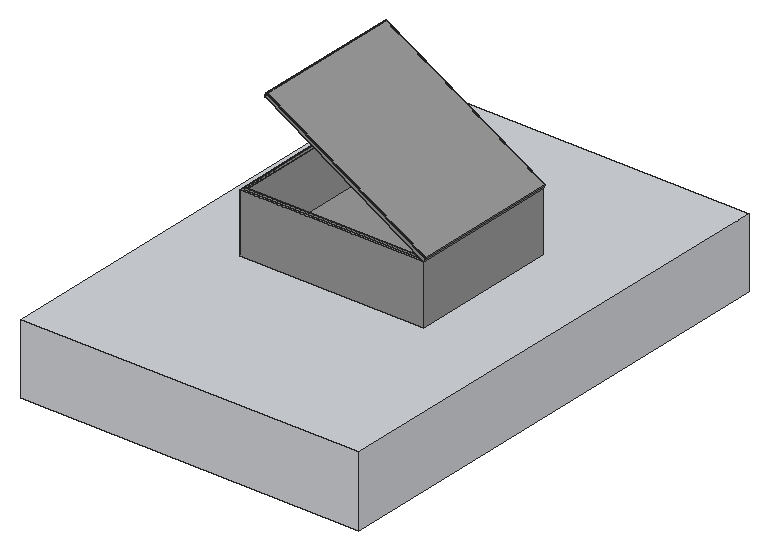
Revit family "Hager-Univers-IP55-D275-H650-Cl.II-Steel_encl-BE-fr", category Equipement électrique, Revit 2020
Family settings
  Hôte = Face
  Configuration du panneau = Deux colonnes, circuits au sein
  Cote de connecteur circulaire = Utiliser le diamètre
  Type d'élément = Tableau de raccordement
  Couper avec des vides une fois chargée = Non
  Partagée = Non
  Point de calcul de pièce = Non
Parameters (values of type "saillie IP55 L800 H650 P275  - FR43S")
  Width Control [instance] = if([EF000008 - largeur] > Min Width, [EF000008 - largeur], Min Width)  # 800 mm
  Commentaires du type = [HG000003 - Gamme]  # "Univers"
  Thickness Door [instance] = if([EF009171 - épaisseur de matériau de la porte/du couvercle] > 3 mm, 3 mm, [EF009171 - épaisseur de matériau de la porte/du couvercle])  # 1.5 mm
  Seal Frame Offset [instance] = 17 mm  # constant formula
  Plinth Visibility [instance] = [HG000027 - Hauteur du socle] > 0 mm  # no
  Model = ""
  Min Width [instance] = 100 mm  # constant formula
  Min Height [instance] = 100 mm  # constant formula
  Min Depth [instance] = (2 * [EF009170 - épaisseur de matériau du boîtier]) + 1 mm  # 4 mm
  Internal Frame Depth [instance] = (Door System Depth * 0.5)  # 9 mm
  Height Control [instance] = if([EF000040 - hauteur] > Min Height, [EF000040 - hauteur], Min Height)  # 650 mm
  HG000027 - Hauteur du socle = 0 mm
  HG000026 - Installation au sol = no
  HG000024 - Hauteur de la section basse = 800 mm
  HG000023 - Armoire double section = no
  HG000016 - Visibilité de la porte 3D [instance] = yes
  HG000015 - Visibilité de l'emprise de la porte [instance] = no
  HG000014 - Porte à droite [instance] = yes
  HG000013 - Porte à gauche [instance] = not([HG000014 - Porte à droite])  # no
  HG000012 - Angle de pivotement de la porte [instance] = 30.00°
  HG000010 - Portes asymétriques = no
  HG000009 - Porte à double battant = no
  HG000006 - Encastré = no
  HG000004 - Référence fabricant = "FR43S"
  HG000003 - Gamme = "Univers"
  HG000002 - avec porte = yes
  Frame Offset Bottom [instance] = 10 mm  # constant formula
  Frame Offset [instance] = 15 mm  # constant formula
  EF015940 - couvercle avec décharge de pression = no
  EF011959 - degré de protection (NEMA) = ""
  EF009554 - nombre d'ouvertures pour plaques à bride = 6
  Fabricant = "Hager"  # constant formula
  EF009212 - finition du couvercle = "EV000116 - fermé"
  EF009171 - épaisseur de matériau de la porte/du couvercle = 1.5 mm
  EF009170 - épaisseur de matériau du boîtier = 1.5 mm
  EF008873 - courant nominal (In) = 800 A
  EF007800 - adapté à un parafoudre = no
  EF006306 - avec serrure = no
  EF006244 - couvercle/porte transparent(e) = no
  EF005474 - indice de protection (IP) = "EV006420 - IP55"
  EF004464 - type de porte = "EV002646 - unique"
  EF004427 - nombre de modules = 144
  EF004293 - indice de protection contre les chocs (IK) = "EV008784 - IK10"
  EF003532 - convient pour utilisation à l’extérieur = no
  EF002950 - largeur en nombre de modules = 24
  EF001613 - maintien de fonction = "EV000494 - sans"
  EF001596 - matériau du boîtier/corps = "EV000179 - acier"
  EF001131 - profondeur intérieure = 275 mm
  EF001088 - possibilité de montage en saillie = yes
  EF000437 - nombre d'entrées de conduit = 6
  EF000339 - type de capot = "EV004216 - porte"
  EF000266 - nombre de rangées = 4
  EF000218 - profondeur d'encastrement = 0 mm
  EF000118 - avec cadre/support de montage = no
  EF000116 - numéro RAL = "7035"
  EF000049 - profondeur = 275 mm
  EF000040 - hauteur = 650 mm
  EF000008 - largeur = 800 mm
  EF000007 - couleur = "EV000270 - gris"
  EF000003 - mode de pose = "EV000384 - saillie"
  Door System Leaf Tolerance [instance] = 1.5 mm  # constant formula
  Door System Depth [instance] = 18 mm  # constant formula
  Door Height [instance] = Height Control - [HG000027 - Hauteur du socle]  # 650 mm
  Depth Control [instance] = if([EF000049 - profondeur] > Min Depth, [EF000049 - profondeur], Min Depth)  # 275 mm
  Default Elevation = 0 mm
  Connector Offset [instance] = Height Control / 2  # 325 mm
  Bottom Top Plate Trim [instance] = 1.5 mm  # constant formula
  Plinth height Ctrl [instance] = if([HG000027 - Hauteur du socle] > 0 mm, [HG000027 - Hauteur du socle], 12 mm)  # 12 mm
Types (5, lengths in mm): name | Width Control | HG000010 - Portes asymétriques | HG000009 - Porte à double battant | HG000004 - Référence fabricant | EF009554 - nombre d'ouvertures pour plaques à bride | EF004464 - type de porte | EF004427 - nombre de modules | EF000437 - nombre d'entrées de conduit | EF000008 - largeur
  saillie IP55 L1050 H650 P275  - FR44S | 1050 | no | yes | "FR44S" | 8 | "EV003602 - double" | 192 | 8 | 1050
  saillie IP55 L1300 H650 P275  - FR45S | 1300 | yes | yes | "FR45S" | 10 | "EV003602 - double" | 240 | 10 | 1300
  saillie IP55 L300 H650 P275  - FR41S | 300 | no | no | "FR41S" | 2 | "EV002646 - unique" | 48 | 2 | 300
  saillie IP55 L550 H650 P275  - FR42S | 550 | no | no | "FR42S" | 4 | "EV002646 - unique" | 96 | 4 | 550
  saillie IP55 L800 H650 P275  - FR43S | 800 | no | no | "FR43S" | 6 | "EV002646 - unique" | 144 | 6 | 800
Reference planes
  plane 1 "Center (Front/Back)": y = 0
  plane 2: z = 0
  plane 3 "Center (Left/Right)": x = 0
  plane 4: z = 275
  plane 5: y = 1.5
  plane 6: y = 325
  plane 7: y = 0
  plane 8: y = 650
  plane 9: z = 0
  plane 10: x = -385
  plane 11: x = 385
  plane 12: x = 383.5
  plane 13: x = -383.5
  plane 14: y = 648.5
  plane 15: x = -383
  plane 16: x = -400
  plane 17: x = 383
  plane 18: x = 400
  plane 19: x = 398.5
  plane 20: x = -398.5
  plane 21: y = 11.5
  plane 22: y = 650
  plane 23: y = 633.5
  plane 24: z = 257
  plane 25: z = 1.5
  plane 26: z = 255.5
  plane 27: z = 273.5
Forms (mm)
  Extrusion 1, solid
    sketch origin (0, 0, 0) x (1, 0, 0) y (0, 1, 0)
      loop
        line (-702.964, 1305) -> (-702.964, -811.445) -> (766.763, -811.445) -> (766.763, 1305) -> (-702.964, 1305)
    from 0 to -304.8
  Extrusion 2, solid, material "Hager_Steel_RAL7035_Light_Grey", visible <- "Plinth Visibility", detail levels medium+fine
    sketch origin (0, 0, 0) x (1, 0, 0) y (0, 1, 0)
      loop
        line (-400, 0) -> (400, 0) -> (400, 12) -> (-400, 12) -> (-400, 0)
    from 0 to 257
  Extrusion 3, solid, material "Hager_Steel_RAL7035_Light_Grey", detail levels medium+fine
    sketch origin (0, 0, 0) x (1, 0, 0) y (0, 1, 0)
      loop
        line (-400, 0) -> (400, 0) -> (400, 650) -> (-400, 650) -> (-400, 0)
    from 0 to 257
  Extrusion 4, void
    sketch origin (0, 0, 0) x (1, 0, 0) y (0, 1, 0)
      loop
        line (-398.5, 1.5) -> (398.5, 1.5) -> (398.5, 648.5) -> (-398.5, 648.5) -> (-398.5, 1.5)
    from 1.5 to 255.5
  Extrusion 5, void
    sketch origin (-381.607, -4572, 257) x (0, -1, 0) y (-1, 0, 0)
      loop
        line (-4583.5, 1.893) -> (-5205.5, 1.893) -> (-5205.5, -765.107) -> (-4583.5, -765.107) -> (-4583.5, 1.893)
    from 0 to 1.5 <- "EF009170 - épaisseur de matériau du boîtier"
  Extrusion 6, solid, material "Hager_Steel_RAL7035_Light_Grey", detail levels fine
    sketch origin (0, 0, 257) x (1, 0, 0) y (0, 1, 0)
      loop
        line (-383.5, 633.5) -> (-383.5, 11.5) -> (383.5, 11.5) -> (383.5, 633.5) -> (-383.5, 633.5)
      loop
        line (-385, 10) -> (385, 10) -> (385, 635) -> (-385, 635) -> (-385, 10)
    from 0 to 9 <- "Internal Frame Depth"
  Extrusion 7, solid, material "Hager_Steel_RAL7035_Light_Grey", detail levels coarse
    sketch origin (0, 0, 0) x (1, 0, 0) y (0, 1, 0)
      loop
        line (-400, 0) -> (400, 0) -> (400, 650) -> (-400, 650) -> (-400, 0)
    from 0 to 275
  Sweep 8, void
    path in 3D
      loop
        line (-400, 12, 0) -> (400, 12, 0) -> (400, 12, 257) -> (-400, 12, 257) -> (-400, 12, 0)
    profile origin (-400, 12, 128.5) x (-1, 0, 0) y (0, -1, 0)
      loop
        line (0, 0) -> (0, 1.5) -> (-1.5, 1.5)
        arc (-1.5, 1.5) -> (-1.061, 0.439) -> (0, 0) r 1.5
Cuts and joins
  Extrusion 4, Extrusion 5 cuts Extrusion 3
  Sweep 8 cuts Extrusion 2
Lines and regions (mm)
  Masking region 1
    outline origin (0, 0, 0) x (1, 0, 0) y (0, 0, 1)
      loop
        line (-400, 275) -> (-400, 0) -> (400, 0) -> (400, 275) -> (-400, 275)
  Masking region 2, detail levels medium+fine
    outline origin (0, 140, 0) x (0, 1, 0) y (0, 0, 1)
      loop
        line (-140, 0) -> (510, 0) -> (510, 257) -> (-140, 257) -> (-140, 0)
  Masking region 3, not visible, detail levels medium+fine
    outline origin (0, 297.922, 0) x (0, 1, 0) y (0, 0, 1)
      loop
        line (38.578, 0) -> (78.578, 0) -> (78.578, 263.5)
        arc (78.578, 263.5) -> (75.649, 270.571) -> (68.578, 273.5) r 10
        line (68.578, 273.5) -> (38.578, 273.5) -> (38.578, 0)
  Masking region 4, detail levels coarse
    outline origin (0, 0, 180) x (0, 1, 0) y (0, 0, 1)
      loop
        line (0, -180) -> (650, -180) -> (650, 95) -> (0, 95) -> (0, -180)
  Masking region 5, visible <- "Plinth Visibility", detail levels medium+fine
    outline origin (0, 52.24, 12.345) x (0, 0, -1) y (0, 1, 0)
      loop
        line (10.845, -40.24) -> (-243.155, -40.24)
        arc (-243.155, -40.24) -> (-243.594, -41.301) -> (-244.655, -41.74) r 1.5
        line (-244.655, -41.74) -> (-244.655, -52.24) -> (12.345, -52.24) -> (12.345, -41.74)
        arc (12.345, -41.74) -> (11.285, -41.301) -> (10.845, -40.24) r 1.5
  Masking region 6, detail levels medium+fine
    outline origin (-381.607, -4572, 257) x (-1, 0, 0) y (0, -1, 0)
      loop
        line (18.393, -5222) -> (18.393, -4572) -> (-781.607, -4572) -> (-781.607, -5222) -> (18.393, -5222)
  Masking region 7, visible <- "Plinth Visibility", detail levels medium+fine
    outline origin (-381.607, -4727, 257) x (-1, 0, 0) y (0, -1, 0)
      loop
        arc (16.893, -4739) -> (17.332, -4737.939) -> (18.393, -4737.5) r 1.5
        line (18.393, -4737.5) -> (18.393, -4727) -> (-781.607, -4727) -> (-781.607, -4737.5)
        arc (-781.607, -4737.5) -> (-780.546, -4737.939) -> (-780.107, -4739) r 1.5
        line (-780.107, -4739) -> (16.893, -4739)
  Masking region 8, detail levels coarse
    outline origin (-442.548, -4669.526, 257) x (-1, 0, 0) y (0, -1, 0)
      loop
        line (-42.548, -5319.526) -> (-42.548, -4669.526) -> (-842.548, -4669.526) -> (-842.548, -5319.526) -> (-42.548, -5319.526)
  sketch lines
    curve 1: line (-400, 12, 257) -> (-400, 12, 0)
    curve 2: line (400, 12, 257) -> (-400, 12, 257)
    curve 3: line (400, 12, 257) -> (400, 12, 0)
    curve 4: line (-400, 12, 0) -> (400, 12, 0)
Dimensions and locks
  "Depth Control": plane 4 to Extrusion 1
  "HG000027 - Hauteur du socle": plane 1 "Center (Front/Back)" to plane 7
  "EF009170 - épaisseur de matériau du boîtier": plane 5 to plane 7
  locked: connector elem to plane 3 "Center (Left/Right)"
  equal spacing: plane 8, plane 6, plane 7
  locked: connector elem to plane 6
  "EF009170 - épaisseur de matériau du boîtier": plane 8 to plane 14
  "EF009170 - épaisseur de matériau du boîtier": plane 10 to plane 13
  "EF009170 - épaisseur de matériau du boîtier": plane 12 to plane 11
  "Frame Offset": plane 20 to plane 13
  "Frame Offset": plane 12 to plane 19
  "EF009170 - épaisseur de matériau du boîtier": plane 16 to plane 20
  "EF009170 - épaisseur de matériau du boîtier": plane 19 to plane 18
  "Seal Frame Offset": plane 16 to plane 15
  "Seal Frame Offset": plane 17 to plane 18
  "Frame Offset Bottom": plane 21 to plane 5
  "Frame Offset": plane 14 to plane 23
  equal spacing: plane 16, plane 3 "Center (Left/Right)", plane 18
  "Width Control": plane 16 to plane 18
  "EF009170 - épaisseur de matériau du boîtier": plane 4 to plane 27
  "EF009170 - épaisseur de matériau du boîtier": plane 24 to plane 26
  "EF009170 - épaisseur de matériau du boîtier": plane 25 to level
  "Door System Depth": plane 4 to plane 24
  "Height Control": plane 1 "Center (Front/Back)" to Extrusion 7 sketch curve
  "Height Control": Masking region 4 sketch curve to plane 1 "Center (Front/Back)"
  "Height Control": plane 1 "Center (Front/Back)" to plane 22
  "Bottom Top Plate Trim": profile plane to Sweep 8 sketch curve
  "Bottom Top Plate Trim": Sweep 8 sketch curve to profile plane
  "Plinth height Ctrl": plane 1 "Center (Front/Back)" to Extrusion 2 sketch curve
  "Plinth height Ctrl": Masking region 5 sketch curve to plane 1 "Center (Front/Back)"
  "Plinth height Ctrl": plane 1 "Center (Front/Back)" to Masking region 7 sketch curve
  "Thickness Door": Extrusion 6 sketch curve to Extrusion 6 sketch curve  (x3)
  "Thickness Door": cut or joined group of Extrusion 3, Extrusion 4, Extrusion 5 to Extrusion 6 sketch curve
  radius of Masking region 3 sketch curve = 10 mm
  "Bottom Top Plate Trim": radius of Masking region 5 sketch curve  (x2)
  "Bottom Top Plate Trim": radius of Sweep 8 sketch curve
  "Bottom Top Plate Trim": radius of Masking region 7 sketch curve  (x2)
  aligned and locked: plane 2 to Extrusion 1
  aligned and locked: level to Extrusion 1
  aligned and locked: level to Masking region 1 sketch curve
  aligned and locked: Masking region 1 sketch curve to plane 18
  aligned and locked: Masking region 1 sketch curve to plane 16
  aligned and locked: plane 7 to Masking region 2 sketch curve
  aligned and locked: level to Masking region 3 sketch curve
  aligned and locked: Masking region 3 sketch curve to plane 27
  aligned and locked: level to Masking region 2 sketch curve
  aligned and locked: plane 1 "Center (Front/Back)" to Extrusion 2 sketch curve
  aligned and locked: Extrusion 3 sketch curve to plane 7
  aligned and locked: plane 16 to Extrusion 3 sketch curve
  aligned and locked: plane 18 to Extrusion 3 sketch curve
  aligned and locked: plane 20 to Extrusion 4 sketch curve
  aligned and locked: plane 19 to Extrusion 4 sketch curve
  aligned and locked: Extrusion 4 sketch curve to plane 5
  aligned and locked: Extrusion 4 to plane 25
  aligned and locked: plane 26 to Extrusion 4
  aligned and locked: plane 24 to Extrusion 3
  aligned and locked: Extrusion 5 sketch curve to plane 21
  aligned and locked: Extrusion 5 sketch curve to plane 13
  aligned and locked: Extrusion 5 sketch curve to plane 12
  aligned and locked: plane 18 to Extrusion 7 sketch curve
  aligned and locked: plane 1 "Center (Front/Back)" to Extrusion 7 sketch curve
  aligned and locked: plane 16 to Extrusion 7 sketch curve
  aligned and locked: plane 4 to Extrusion 7
  aligned and locked: Extrusion 7 to level
  aligned and locked: level to Masking region 4 sketch curve
  aligned and locked: Masking region 4 sketch curve to plane 1 "Center (Front/Back)"
  aligned and locked: Masking region 4 sketch curve to plane 4
  aligned and locked: nested 1 to level
  aligned and locked: nested 1 to plane 16
  aligned and locked: plane 8 to Extrusion 3 sketch curve
  aligned and locked: plane 23 to Extrusion 5 sketch curve
  aligned and locked: plane 14 to Extrusion 4 sketch curve
  aligned and locked: Masking region 2 sketch curve to plane 8
  aligned and locked: level to Masking region 5 sketch curve
  aligned and locked: plane 16 to Extrusion 2 sketch curve
  aligned and locked: plane 18 to Extrusion 2 sketch curve
  aligned and locked: Masking region 5 sketch curve to plane 24
  aligned and locked: Masking region 2 sketch curve to plane 24
  aligned and locked: plane 24 to Extrusion 2
  aligned and locked: profile plane to Sweep 8 sketch curve  (x2)
  aligned and locked: Masking region 6 sketch curve to plane 18
  aligned and locked: Masking region 6 sketch curve to plane 22
  aligned and locked: Masking region 6 sketch curve to plane 16
  aligned and locked: plane 8 to plane 22
  aligned and locked: Masking region 6 sketch curve to plane 7
  aligned and locked: Masking region 7 sketch curve to plane 16
  aligned and locked: Masking region 7 sketch curve to plane 1 "Center (Front/Back)"
  aligned and locked: Masking region 7 sketch curve to plane 18
  aligned and locked: Masking region 8 sketch curve to plane 1 "Center (Front/Back)"
  aligned and locked: Masking region 8 sketch curve to plane 18
  aligned and locked: Masking region 8 sketch curve to plane 22
  aligned and locked: Masking region 8 sketch curve to plane 16
  aligned and locked: nested 2 to plane 7
  aligned and locked: plane 3 "Center (Left/Right)" to nested 2
  aligned and locked: nested 2 to plane 24
  aligned and locked: Extrusion 6 sketch curve to cut or joined group of Extrusion 3, Extrusion 4, Extrusion 5  (x4)
Automatic sketch dimensions
  Extrusion 1 sketch curve to Extrusion 1 sketch curve = 1469.727 mm
  Extrusion 1 sketch curve to Extrusion 1 sketch curve = 2116.445 mm
  Masking region 1 sketch curve to plane 4 = 0 mm
  plane 6 to Masking region 3 sketch curve = 11.5 mm
  Masking region 3 sketch curve to Masking region 3 sketch curve = 30 mm
  Masking region 5 sketch curve to plane 1 "Center (Front/Back)" = 0 mm
Nested families
  nested 1: "Hager_Enclosure_Symbol" at (-400, 0, 0) x (1, 0, 0) z (0, -1, 0), Height <- "Depth Control", Width <- "Width Control", type "Hager_Enclosure_Symbol"
    with Width_Ctrl 800 mm, Width 800 mm, Height_Ctrl 275 mm, Height 275 mm, A_Width_Int 18.047 mm, A_Width 216.562 mm, A_Height_Ctrl 240.625 mm, A_Height 240.625 mm
  nested 2: "EC000058_Univers_Door" at (0, 0, 257) x (1, 0, 0) z (0, 1, 0), Leaf_Tolerance <- "Door System Leaf Tolerance", Angle <- "HG000012 - Angle de pivotement de la porte", Door_Depth <- "Door System Depth", Door_Left <- "HG000013 - Porte à gauche", Transparent <- "EF006244 - couvercle/porte transparent(e)", Assymetrical <- "HG000010 - Portes asymétriques", Width <- "Width Control", Clearance <- "HG000015 - Visibilité de l'emprise de la porte", Double <- "HG000009 - Porte à double battant", 3d_Door <- "HG000016 - Visibilité de la porte 3D", Lock_Visibility <- "EF006306 - avec serrure", Width_Ctrl <- "Width Control", Door_Right <- "HG000014 - Porte à droite", Door <- "HG000002 - avec porte", Height <- "Door Height", Thickness <- "Thickness Door", type "EC000058_Univers_Door", detail levels medium+fine
    with min_wh 4 mm, Width_Ctrl 800 mm, Width 800 mm, Transparent no, Thickness 1.5 mm, Seal_Material Hager_Rubber, Lock_Visibility no, Lock_Material Hager_Plastic_RAL9005_Jet_Black, Leaf_Width 800 mm, Leaf_Tolerance_External_Sides 0 mm, Leaf_Tolerance 1.5 mm, Leaf_Offset 0 mm, Leaf_Height 647 mm, Leaf_2_Width 800 mm, Leaf_2_Offset 400 mm, Leaf_1_Width 800 mm, Leaf_1_Offset 400 mm, Height_Ctrl 650 mm, Height 650 mm, Glass_Material Hager_Glass, Double_Clearance_Ctrl no, Double no, Door_Right_Ctrl yes, Door_Right yes, Door_Material Hager_Steel_RAL7035_Light_Grey, Door_Left_Ctrl no, Door_Left no, Door_Depth 18 mm, Door yes, Clearance_Material Hager_Clearance, Clearance_Depth 800 mm, Clearance_Ctrl no, Clearance no, Assymetrical no, Angle 30.00°, 3d_Door yes
Connectors
  electrical at (0, 325, 0)
    settings: on plane 9, index 1, voltage 0 V, apparent load 0 VA, apparent load phase1 0 VA, apparent load phase2 0 VA, apparent load phase3 0 VA, power factor 1, load classification "Other", number of poles 1, system type 30, power factor state 1, is connector primary yes, connector utility no, sub classification motor no, connector description ""
Definition of nested family "EC000058_Univers_Door"
  Parameters (values of type "EC000058_Univers_Door")
    min_wh [instance] = (2 * Thickness) + 1 mm  # 11 mm
    Width_Ctrl [instance] = 400 mm
    Width [instance] = 500 mm
    Transparent [instance] = yes
    Thickness [instance] = 5 mm
    Seal_Material [instance] = none
    Lock_Visibility [instance] = yes
    Lock_Material [instance] = none
    Leaf_Width [instance] = if((Width_Ctrl - 2 * Leaf_Tolerance_External_Sides) > 0 mm, (Width_Ctrl - 2 * Leaf_Tolerance_External_Sides), min_wh)  # 400 mm
    Leaf_Tolerance_External_Sides [instance] = 0 mm  # constant formula
    Leaf_Tolerance [instance] = 1.5 mm
    Leaf_Offset [instance] = 0 mm  # constant formula
    Leaf_Height [instance] = if((Height_Ctrl - 2 * Leaf_Tolerance) > 0 mm, (Height_Ctrl - 2 * Leaf_Tolerance), min_wh)  # 497 mm
    Leaf_2_Width [instance] = if(and(and(Double, Assymetrical), Door_Left), (Leaf_Width / 3) - (Leaf_Tolerance / 2), if(and(and(Double, Assymetrical), Door_Right), (Leaf_Width / 3) * 2 - (Leaf_Tolerance / 2), if(and(Double, not(Assymetrical)), (Leaf_Width / 2) - Leaf_Tolerance, Leaf_Width)))  # 400 mm
    Leaf_2_Offset [instance] = if(and(Double, Assymetrical), Leaf_2_Width / 2, if(and(Double, not(Assymetrical)), Leaf_Width / 4, Leaf_Width / 2))  # 200 mm
    Leaf_1_Width [instance] = if(and(and(Double, Assymetrical), Door_Right), (Leaf_Width / 3) - (Leaf_Tolerance / 2), if(and(and(Double, Assymetrical), Door_Left), (Width / 3) * 2 - (Leaf_Tolerance / 2), if(and(Double, not(Assymetrical)), (Leaf_Width / 2) - Leaf_Tolerance, Leaf_Width)))  # 400 mm
    Leaf_1_Offset [instance] = if(and(Double, Assymetrical), Leaf_1_Width / 2, if(and(Double, not(Assymetrical)), Leaf_Width / 4, Leaf_Width / 2))  # 200 mm
    Height_Ctrl [instance] = if(Height > min_wh, Height, min_wh)  # 500 mm
    Height [instance] = 500 mm
    Glass_Material [instance] = none
    Double_Clearance_Ctrl [instance] = and(Double, Clearance)  # no
    Double [instance] = no
    Door_Right_Ctrl [instance] = and(or(Door_Right, Double), Door)  # yes
    Door_Right [instance] = yes
    Door_Material [instance] = none
    Door_Left_Ctrl [instance] = and(or(Door_Left, Double), Door)  # no
    Door_Left [instance] = no
    Door_Depth [instance] = 30 mm
    Door [instance] = yes
    Default Elevation = 1219.2 mm
    Clearance_Material [instance] = none
    Clearance_Depth [instance] = if(Leaf_1_Width > Leaf_2_Width, Leaf_1_Width, Leaf_2_Width)  # 400 mm
    Clearance_Ctrl [instance] = and(not(Double), Clearance)  # yes
    Clearance [instance] = yes
    Assymetrical [instance] = yes
    Angle [instance] = 30.00°
    3d_Door [instance] = yes
  Reference planes
    plane 1 "Center (Front/Back)": y = 0
    plane 2 "Bottom": z = 0
    plane 3 "Center (Left/Right)": x = 0
    plane 4: z = 500
    plane 5: x = -200
    plane 6: x = 200
    plane 7: z = 500
    plane 8: x = -200
    plane 9: z = 0
    plane 10: x = 200
    plane 11: y = 0
    plane 12: z = 1.5
    plane 13: x = -600
    plane 14: y = -400
    plane 15: x = 600
    plane 16: x = 0
    plane 17: x = 0
    plane 18: x = -200
    plane 19: x = 200
    plane 20: z = 498.5
  Forms (mm)
    Extrusion 1, solid, material <- "Clearance_Material", visible <- "Double_Clearance_Ctrl"
      sketch origin (1200, 0, 0) x (1, 0, 0) y (0, 0, -1)
        loop
          line (-1800, -498.5) -> (-600, -498.5) -> (-600, 0) -> (-1800, 0) -> (-1800, -498.5)
      from 0 to -400
  Dimensions and locks
    equal spacing: plane 5, plane 3 "Center (Left/Right)", plane 6
    "Width_Ctrl": plane 5 to plane 6
    "Leaf_Offset": plane 5 to plane 8
    "Leaf_Offset": plane 6 to plane 10
    "Leaf_Offset": plane 9 to level
    "Leaf_Offset": plane 4 to plane 7
    "Height_Ctrl": plane 4 to level
    "Leaf_Tolerance": plane 12 to plane 9
    locked: plane 11 to plane 1 "Center (Front/Back)"
    "Leaf_1_Offset": plane 18 to plane 16
    "Leaf_2_Offset": plane 17 to plane 19
    "Leaf_1_Width": plane 13 to plane 8
    "Leaf_2_Width": plane 10 to plane 15
    "Clearance_Depth": plane 14 to plane 1 "Center (Front/Back)"
    "Leaf_Tolerance_External_Sides": plane 8 to plane 18
    "Leaf_Tolerance_External_Sides": plane 19 to plane 10
    "Leaf_Tolerance": plane 7 to plane 20
    aligned and locked: level to plane 2 "Bottom"
    aligned and locked: nested 1 to plane 16
    aligned and locked: nested 2 to plane 17
    aligned and locked: Extrusion 1 to plane 13
    aligned and locked: plane 15 to Extrusion 1
    aligned and locked: Extrusion 1 to plane 14
    aligned and locked: plane 12 to nested 1
    aligned and locked: nested 2 to plane 12
    aligned and locked: Extrusion 1 to plane 11
    aligned and locked: plane 20 to Extrusion 1
    aligned and locked: nested 2 to plane 11
    aligned and locked: nested 1 to plane 11
  Automatic sketch dimensions
    Extrusion 1 sketch curve to level = 0 mm
    plane 5 to Extrusion 1 sketch curve = 400 mm
    plane 6 to Extrusion 1 sketch curve = 400 mm
    Extrusion 1 sketch curve to plane 4 = 1.5 mm
  Nested families
    nested 1: "EC000058_Univers_Door_Leaf" at (0, 0, 1.5), Width <- "Leaf_1_Width", visible <- "Door_Left_Ctrl", Leaf_Height <- "Leaf_Height", Angle <- "Angle", 3d_Door <- "3d_Door", Transparent <- "Transparent", Clearance Material <- "Clearance_Material", Clearance <- "Clearance_Ctrl", Door_Material <- "Door_Material", Glass_Material <- "Glass_Material", Door_Depth <- "Door_Depth", Lock_Material <- "Lock_Material", Seal_Material <- "Seal_Material", Lock_Visibility <- "Lock_Visibility", Thickness <- "Thickness", type "EC000058_Univers_Door_Leaf"
      with Width 400 mm, Transparent_Glass_Offset 30 mm, Transparent_Ctrl yes, Transparent yes, Thickness 5 mm, Standard no, Seal_Material none, Seal_D2 8 mm, Seal_D1 1 mm, Offset_Internal_Frame 10 mm, Lock_Width 20 mm, Lock_Visibility_3d yes, Lock_Visibility yes, Lock_Thickness_3 3 mm, Lock_Thickness_2 1 mm, Lock_Thickness_1 3 mm, Lock_Radius_Offset_2 16 mm, Lock_Radius_Offset_1 15 mm, Lock_Radius_2 5 mm, Lock_Radius 6 mm, Lock_Offset 5 mm, Lock_Material none, Lock_Height 80 mm, Lock_Cover_Top_Offset_2d 17 mm, Lock_Cover_Height -65 mm, Leaf_Height 497 mm, Internal_Seal_Thickness 8 mm, Internal_Seal_Depth_2 4.5 mm, Internal_Frame_Depth 25 mm, Glass_Thickness -1 mm, Glass_Offset -2 mm, Glass_Material none, Door_Material none, Door_Depth 30 mm, Clearance Material none, Clearance yes, Angle_Ctrl 30.00°, Angle 30.00°, 3d_Door yes
    nested 2: "EC000058_Univers_Door_Leaf" at (0, 0, 1.5) x (-1, 0, 0) z (0, 0, 1), Width <- "Leaf_2_Width", visible <- "Door_Right_Ctrl", Leaf_Height <- "Leaf_Height", Angle <- "Angle", 3d_Door <- "3d_Door", Transparent <- "Transparent", Clearance Material <- "Clearance_Material", Clearance <- "Clearance_Ctrl", Door_Material <- "Door_Material", Glass_Material <- "Glass_Material", Door_Depth <- "Door_Depth", Lock_Material <- "Lock_Material", Seal_Material <- "Seal_Material", Lock_Visibility <- "Lock_Visibility", Thickness <- "Thickness", type "EC000058_Univers_Door_Leaf"
      with Width 400 mm, Transparent_Glass_Offset 30 mm, Transparent_Ctrl yes, Transparent yes, Thickness 5 mm, Standard no, Seal_Material none, Seal_D2 8 mm, Seal_D1 1 mm, Offset_Internal_Frame 10 mm, Lock_Width 20 mm, Lock_Visibility_3d yes, Lock_Visibility yes, Lock_Thickness_3 3 mm, Lock_Thickness_2 1 mm, Lock_Thickness_1 3 mm, Lock_Radius_Offset_2 16 mm, Lock_Radius_Offset_1 15 mm, Lock_Radius_2 5 mm, Lock_Radius 6 mm, Lock_Offset 5 mm, Lock_Material none, Lock_Height 80 mm, Lock_Cover_Top_Offset_2d 17 mm, Lock_Cover_Height -65 mm, Leaf_Height 497 mm, Internal_Seal_Thickness 8 mm, Internal_Seal_Depth_2 4.5 mm, Internal_Frame_Depth 25 mm, Glass_Thickness -1 mm, Glass_Offset -2 mm, Glass_Material none, Door_Material none, Door_Depth 30 mm, Clearance Material none, Clearance yes, Angle_Ctrl 30.00°, Angle 30.00°, 3d_Door yes
  Definition of nested family "EC000058_Univers_Door_Leaf"
    Parameters (values of type "EC000058_Univers_Door_Leaf")
      Width [instance] = 2000 mm
      Transparent_Glass_Offset [instance] = 30 mm
      Transparent_Ctrl [instance] = and(Transparent, [3d_Door])  # yes
      Transparent [instance] = yes
      Thickness [instance] = 5 mm
      Standard [instance] = and(not(Transparent), [3d_Door])  # no
      Seal_Material [instance] = none
      Seal_D2 [instance] = 8 mm  # constant formula
      Seal_D1 [instance] = 1 mm  # constant formula
      Offset_Internal_Frame [instance] = 10 mm  # constant formula
      Lock_Width [instance] = 20 mm  # constant formula
      Lock_Visibility_3d [instance] = and(Lock_Visibility, [3d_Door])  # yes
      Lock_Visibility [instance] = yes
      Lock_Thickness_3 [instance] = 3 mm  # constant formula
      Lock_Thickness_2 [instance] = 1 mm  # constant formula
      Lock_Thickness_1 [instance] = 3 mm  # constant formula
      Lock_Radius_Offset_2 [instance] = Lock_Radius_Offset_1 + 1 mm  # 16 mm
      Lock_Radius_Offset_1 [instance] = 15 mm  # constant formula
      Lock_Radius_2 [instance] = Lock_Radius - 1 mm  # 5 mm
      Lock_Radius [instance] = 6 mm  # constant formula
      Lock_Offset [instance] = 5 mm  # constant formula
      Lock_Material [instance] = none
      Lock_Height [instance] = 80 mm  # constant formula
      Lock_Cover_Top_Offset_2d [instance] = Lock_Radius_Offset_2 + 1 mm  # 17 mm
      Lock_Cover_Height [instance] = -(Lock_Height - Lock_Radius_Offset_1)  # -65 mm
      Leaf_Height [instance] = 2720.336 mm
      Internal_Seal_Thickness [instance] = 8 mm  # constant formula
      Internal_Seal_Depth_2 [instance] = 4.5 mm  # constant formula
      Internal_Frame_Depth [instance] = if(Door_Depth - Thickness > 5 mm, Door_Depth - Thickness, 5 mm)  # 25 mm
      Glass_Thickness [instance] = if(Thickness > 15 mm, Glass_Offset + 10 mm, -1 mm)  # -1 mm
      Glass_Offset [instance] = if(Thickness > 15 mm, -(Thickness + 10 mm) / 2, -2 mm)  # -2 mm
      Glass_Material [instance] = none
      Door_Material [instance] = none
      Door_Depth [instance] = 30 mm
      Default Elevation = 0 mm
      Clearance Material [instance] = none
      Clearance [instance] = yes
      Angle_Ctrl [instance] = if(Angle > 180.00°, 180.00°, Angle)  # 90.00°
      Angle [instance] = 90.00°
      3d_Door [instance] = yes
    Reference planes
      plane 1 "Center (Front/Back)": y = 0
      plane 2: z = 0
      plane 3 "Center (Left/Right)": x = 0
      plane 4: y = 2000
      plane 5: x = -1000
      plane 6: x = 1000
      plane 7: x = -3000
      plane 8: z = 2720.336
      plane 9: z = 30
      plane 10: z = 2690.336
      plane 11: x = 970
      plane 12: x = -970
      plane 13: y = -3
      plane 14: z = 107.833
      plane 15: y = -5
      plane 16: y = -223.314
      plane 17: x = -1000
      plane 18: z = 1360.168
      plane 19: y = 30
    Forms (mm)
      Extrusion 1, solid, material <- "Clearance Material", visible <- "Clearance"
        sketch origin (0, 0, 0) x (1, 0, 0) y (0, 0, 1)
          loop
            line (-3000, 2720.336) -> (-3000, 0) -> (1000, 0) -> (1000, 2720.336) -> (-3000, 2720.336)
        from 0 to -2000
      Extrusion 2, solid, material <- "Door_Material", visible <- "Standard", detail levels medium+fine
        sketch origin (-1000, 0, 0) x (0, 1, 0) y (-1, 0, 0)
          loop
            line (0, 30) -> (0, 25) -> (2000, 25) -> (2000, 30) -> (0, 30)
        from 0 to 2720.336 <- "Leaf_Height"
      Extrusion 3, solid, material <- "Door_Material", visible <- "Transparent_Ctrl", detail levels medium+fine
        sketch origin (-1000, 0, 0) x (0, 1, 0) y (-1, 0, 0)
          loop
            line (0, 25) -> (2000, 25) -> (2000, 30) -> (0, 30) -> (0, 25)
        from 0 to 2720.336 <- "Leaf_Height"
      Extrusion 4, void
        sketch origin (-1025, 2000, 0) x (0, 1, 0) y (0, 0, -1)
          loop
            line (-30, -2690.336) -> (-30, -30) -> (-1970, -30) -> (-1970, -2690.336) -> (-30, -2690.336)
        from 0 to 5 <- "Thickness"
      Sweep 5, solid, material <- "Seal_Material", visible <- "Transparent_Ctrl", detail levels fine
        path in 3D
          loop
            line (-1025, 30, 30) -> (-1025, 30, 2690.336) -> (-1025, 1970, 2690.336) -> (-1025, 1970, 30) -> (-1025, 30, 30)
        profile origin (-1025, 1000, 30) x (1, 0, 0) y (0, 0, 1)
          loop
            line (0, 0) -> (0, -8) -> (1, -8) -> (1, 0) -> (0, 0)
      Extrusion 6, solid, material <- "Glass_Material", visible <- "Transparent_Ctrl", detail levels medium+fine
        sketch origin (-1030, 0, 0) x (0, 1, 0) y (0, 0, -1)
          loop
            line (1970, -2690.336) -> (1970, -30) -> (30, -30) -> (30, -2690.336) -> (1970, -2690.336)
        from -2 <- "Glass_Offset" to -1 <- "Glass_Thickness"
      Extrusion 7, solid, material <- "Door_Material", visible <- "3d_Door", detail levels medium+fine
        sketch origin (-1025, 2000, 0) x (0, -1, 0) y (0, 0, -1)
          loop
            line (0, -2720.336) -> (2000, -2720.336) -> (2000, 0) -> (0, 0) -> (0, -2720.336)
          loop
            line (1995, -5) -> (5, -5) -> (5, -2715.336) -> (1995, -2715.336) -> (1995, -5)
        from 0 to 25 <- "Internal_Frame_Depth"
      Sweep 8, solid, material <- "Seal_Material", visible <- "Transparent_Ctrl", detail levels fine
        path in 3D
          loop
            line (-1025, 0, 0) -> (-1025, 2000, 0) -> (-1025, 2000, 2720.336) -> (-1025, 0, 2720.336) -> (-1025, 0, 0)
        profile origin (-1025, 0, 1360.168) x (1, 0, 0) y (0, 1, 0)
          loop
            line (0, 10) -> (2.975, 10)
            arc (2.975, 10) -> (4.053, 10.447) -> (4.5, 11.525) r 1.525
            line (4.5, 11.525) -> (4.5, 16.527)
            arc (4.5, 16.527) -> (4.069, 17.569) -> (3.027, 18) r 1.473
            line (3.027, 18) -> (0, 18) -> (0, 10)
      Extrusion 9, solid, material <- "Lock_Material", visible <- "Lock_Visibility_3d", detail levels fine
        sketch origin (-1030, 0, 0) x (0, 1, 0) y (0, 0, -1)
          loop
            arc (1993.5, -1400.168) -> (1994.561, -1399.729) -> (1995, -1398.668) r 1.5
            line (1995, -1398.668) -> (1995, -1320.168) -> (1975, -1320.168) -> (1975, -1398.668)
            arc (1975, -1398.668) -> (1975.439, -1399.729) -> (1976.5, -1400.168) r 1.5
            line (1976.5, -1400.168) -> (1993.5, -1400.168)
        from 3 <- "Lock_Thickness_1" to 0
      Blend 10, solid, material <- "Lock_Material", visible <- "Lock_Visibility_3d", detail levels fine
        base sketch origin (-1033, 0, 0) x (0, 1, 0) y (0, 0, -1)
          loop
            line (1975, -1320.168) -> (1975, -1398.668)
            arc (1975, -1398.668) -> (1975.439, -1399.729) -> (1976.5, -1400.168) r 1.5
            line (1976.5, -1400.168) -> (1993.5, -1400.168)
            arc (1993.5, -1400.168) -> (1994.561, -1399.729) -> (1995, -1398.668) r 1.5
            line (1995, -1398.668) -> (1995, -1320.168) -> (1975, -1320.168)
        top sketch origin (-1033, 0, 0) x (0, 1, 0) y (0, 0, -1)
          loop
            line (1976, -1320.168) -> (1976, -1398.668)
            arc (1976, -1398.668) -> (1976.146, -1399.022) -> (1976.5, -1399.168) r 0.5
            line (1976.5, -1399.168) -> (1993.5, -1399.168)
            arc (1993.5, -1399.168) -> (1993.854, -1399.022) -> (1994, -1398.668) r 0.5
            line (1994, -1398.668) -> (1994, -1320.168) -> (1976, -1320.168)
        from 0 to 1 <- "Lock_Thickness_2"
      Blend 11, solid, material <- "Lock_Material", visible <- "Lock_Visibility_3d", detail levels fine
        base sketch origin (-1034, 0, 0) x (0, 1, 0) y (0, 0, -1)
          loop
            line (1978, -1320.168) -> (1978, -1384.168)
            arc (1978, -1384.168) -> (1985, -1391.168) -> (1992, -1384.168) r 7
            line (1992, -1384.168) -> (1992, -1320.168) -> (1978, -1320.168)
        top sketch origin (-1034, 0, 0) x (0, 1, 0) y (0, 0, -1)
          loop
            line (1991, -1320.168) -> (1979, -1320.168) -> (1979, -1383.168)
            arc (1979, -1383.168) -> (1985, -1389.168) -> (1991, -1383.168) r 6
            line (1991, -1383.168) -> (1991, -1320.168)
        from 0 to 3 <- "Lock_Thickness_3"
      Extrusion 12, solid, material <- "Lock_Material", visible <- "Lock_Visibility_3d", detail levels fine
        sketch origin (-1030, 1975, 1320.168) x (1, 0, 0) y (0, -1, 0)
          loop
            line (-7, -19) -> (-7, -1) -> (0, -1) -> (0, 0) -> (-8, 0) -> (-8, -20) -> (0, -20) -> (0, -19) -> (-7, -19)
        from 0 to -65 <- "Lock_Cover_Height"
      Extrusion 13, void
        sketch origin (-1038, 1995, 1320.168) x (-1, 0, 0) y (0, 0, -1)
          loop
            line (-5, -65) -> (0, -65) -> (-5, -60) -> (-5, -65)
        from 0 to 20 <- "Lock_Width"
      Extrusion 14, void
        sketch origin (-1038, 1975, 1320.168) x (0, -1, 0) y (0, 0, -1)
          loop
            circle (-10, -15.995) r 6
          loop
            circle (-10, -15.995) r 5
        from 0 to 2
      Extrusion 15, solid, material <- "Lock_Material", visible <- "Lock_Visibility_3d", detail levels medium
        sketch origin (-1030, 0, 0) x (0, 1, 0) y (0, 0, -1)
          loop
            arc (1993.5, -1400.168) -> (1994.561, -1399.729) -> (1995, -1398.668) r 1.5
            line (1995, -1398.668) -> (1995, -1320.168) -> (1975, -1320.168) -> (1975, -1398.668)
            arc (1975, -1398.668) -> (1975.439, -1399.729) -> (1976.5, -1400.168) r 1.5
            line (1976.5, -1400.168) -> (1993.5, -1400.168)
        from 8 to 0
    Cuts and joins
      Extrusion 4 cuts Extrusion 3
      Extrusion 13, Extrusion 14 cuts Extrusion 9
      Extrusion 14 cuts Blend 11
      Extrusion 13, Extrusion 14 cuts Extrusion 12
      joined: Extrusion 9, Blend 10, Blend 11, Extrusion 12
      Extrusion 14 cuts Extrusion 15
    Lines and regions (mm)
      Masking region 1, visible <- "Lock_Visibility", detail levels fine
        outline origin (0, 0, 0) x (0, 1, 0) y (0, 0, 1)
          loop
            line (30, 1320.168) -> (33, 1320.168) -> (33, 1400.168) -> (30, 1400.168) -> (30, 1320.168)
      Masking region 2, visible <- "Lock_Visibility", detail levels fine
        outline origin (0, 3.143, 0) x (0, 1, 0) y (0, 0, 1)
          loop
            line (29.857, 1354.168) -> (30.857, 1354.168) -> (30.857, 1366.168) -> (29.857, 1366.168) -> (29.857, 1354.168)
      Masking region 3, detail levels medium+fine
        outline origin (0, 0, 0) x (0, 1, 0) y (0, 0, 1)
          loop
            line (0, 0) -> (30, 0) -> (30, 2720.336) -> (0, 2720.336) -> (0, 0)
      Masking region 4, detail levels medium+fine
        outline origin (0, 0, 0) x (1, 0, 0) y (0, 0, 1)
          loop
            line (-1000, 2720.336) -> (-1000, 0) -> (1000, 0) -> (1000, 2720.336) -> (-1000, 2720.336)
      Masking region 5, visible <- "Lock_Visibility", detail levels fine
        outline origin (-47.116, 0, 0) x (1, 0, 0) y (0, 0, 1)
          loop
            arc (1024.616, 1399.168) -> (1023.556, 1398.729) -> (1023.116, 1397.668) r 1.5
            line (1023.116, 1397.668) -> (1023.116, 1320.168) -> (1041.116, 1320.168) -> (1041.116, 1397.668)
            arc (1041.116, 1397.668) -> (1040.677, 1398.729) -> (1039.616, 1399.168) r 1.5
            line (1039.616, 1399.168) -> (1024.616, 1399.168)
      Masking region 6, visible <- "Lock_Visibility", detail levels medium+fine
        outline origin (-25, 0, 0) x (1, 0, 0) y (0, 0, 1)
          loop
            arc (1001.5, 1400.168) -> (1000.439, 1399.729) -> (1000, 1398.668) r 1.5
            line (1000, 1398.668) -> (1000, 1320.168) -> (1020, 1320.168) -> (1020, 1398.668)
            arc (1020, 1398.668) -> (1019.561, 1399.729) -> (1018.5, 1400.168) r 1.5
            line (1018.5, 1400.168) -> (1001.5, 1400.168)
      Masking region 7, visible <- "Lock_Visibility", detail levels fine
        outline origin (-73.735, 0, 0) x (1, 0, 0) y (0, 0, 1)
          loop
            line (1051.735, 1382.168) -> (1065.735, 1382.168) -> (1065.735, 1384.168)
            arc (1065.735, 1384.168) -> (1058.735, 1391.168) -> (1051.735, 1384.168) r 7
            line (1051.735, 1384.168) -> (1051.735, 1382.168)
      Masking region 8, visible <- "Lock_Visibility", detail levels fine
        outline origin (-73.735, 0, 0) x (1, 0, 0) y (0, 0, 1)
          loop
            line (1052.735, 1382.168) -> (1064.735, 1382.168) -> (1064.735, 1383.168)
            arc (1064.735, 1383.168) -> (1058.735, 1389.168) -> (1052.735, 1383.168) r 6
            line (1052.735, 1383.168) -> (1052.735, 1382.168)
      Masking region 9, visible <- "Lock_Visibility", detail levels fine
        outline origin (-25, 0, 0) x (1, 0, 0) y (0, 0, 1)
          loop
            line (1020, 1320.168) -> (1020, 1382.168) -> (1000, 1382.168) -> (1000, 1320.168) -> (1020, 1320.168)
      Masking region 10, detail levels medium+fine
        outline origin (0, 0, 0) x (1, 0, 0) y (0, 0, 1)
          loop
            circle (985, 1335.144) r 6
      Masking region 11, detail levels fine
        outline origin (0, 0, 0) x (1, 0, 0) y (0, 0, 1)
          loop
            circle (985, 1335.144) r 5
      Masking region 12, visible <- "Lock_Visibility", detail levels fine
        outline origin (0, 12.767, 0) x (0, 1, 0) y (0, 0, 1)
          loop
            line (20.233, 1320.168) -> (21.233, 1320.168) -> (21.233, 1399.168) -> (20.233, 1400.168) -> (20.233, 1320.168)
      Masking region 13, visible <- "Lock_Visibility", detail levels fine
        outline origin (0, 13.767, -10) x (0, 1, 0) y (0, 0, 1)
          loop
            line (20.233, 1330.168) -> (23.233, 1330.168) -> (23.233, 1399.168) -> (20.233, 1402.168) -> (20.233, 1330.168)
      Masking region 14, visible <- "Lock_Visibility", detail levels fine
        outline origin (0, 12.767, -10) x (0, 1, 0) y (0, 0, 1)
          loop
            line (20.233, 1330.168) -> (25.233, 1330.168) -> (25.233, 1399.305) -> (20.233, 1394.305) -> (20.233, 1330.168)
      Masking region 15, visible <- "Lock_Visibility", detail levels medium
        outline origin (0, 0, 0) x (0, 1, 0) y (0, 0, 1)
          loop
            line (30, 1320.168) -> (38, 1320.168) -> (38, 1400.168) -> (30, 1400.168) -> (30, 1320.168)
      Masking region 16, visible <- "Lock_Visibility", detail levels fine
        outline origin (-1000, 0, 0) x (0, 1, 0) y (-1, 0, 0)
          loop
            line (1975, 30) -> (1995, 30) -> (1995, 38) -> (1975, 38) -> (1975, 30)
          loop
            line (1979, 37) -> (1976, 37) -> (1976, 34) -> (1978, 34) -> (1979, 37)
          loop
            line (1994, 37) -> (1991, 37) -> (1992, 34) -> (1994, 34) -> (1994, 37)
      Masking region 17, visible <- "Lock_Visibility", detail levels medium
        outline origin (-1000, 0, 0) x (0, 1, 0) y (-1, 0, 0)
          loop
            line (1975, 30) -> (1995, 30) -> (1995, 38) -> (1975, 38) -> (1975, 30)
      symbolic lines
        curve 1: line (1000, 0, 0) -> (-3000, 0, 0)
        curve 2: arc (1000, 0, 0) -> (-1000, 2000, 0) -> (-3000, 0, 0) r 2000
        curve 4: line (-1030, 0, 0) -> (-1030, 2000, 0)
      reference lines
        curve 3: line (-1000, 0, 0) -> (-1000, 2000, 0)
      symbolic lines, detail levels medium+fine
        curve 5: line (-1030, 2000, 0) -> (-1025, 2000, 0)
        curve 7: line (-1025, 0, 0) -> (-1030, 0, 0)
        curve 8: line (-1025, 0, 0) -> (-1000, 0, 0)
        curve 9: line (-1000, 0, 0) -> (-1000, 2000, 0)
        curve 10: line (-1000, 2000, 0) -> (-1025, 2000, 0)
      symbolic lines, detail levels fine
        curve 6: line (-1025, 2000, 0) -> (-1025, 0, 0)
      sketch lines
        curve 11: line (-1025, 0, 2720.336) -> (-1025, 0, 0)
        curve 12: line (-1025, 2000, 0) -> (-1025, 0, 0)
        curve 13: line (-1025, 2000, 2720.336) -> (-1025, 2000, 0)
        curve 14: line (-1025, 0, 2720.336) -> (-1025, 2000, 2720.336)
        curve 15: line (-1025, 1970, 30) -> (-1025, 30, 30)
        curve 16: line (-1025, 30, 30) -> (-1025, 30, 2690.336)
        curve 17: line (-1025, 1970, 2690.336) -> (-1025, 1970, 30)
        curve 18: line (-1025, 30, 2690.336) -> (-1025, 1970, 2690.336)
      symbolic lines, visible <- "Transparent", detail levels medium+fine
        curve 19: line (-970, 0, 2690.336) -> (970, 0, 2690.336)
        curve 20: line (-970, 0, 30) -> (-970, 0, 2690.336)
        curve 21: line (970, 0, 30) -> (-970, 0, 30)
        curve 22: line (970, 0, 2690.336) -> (970, 0, 30)
    Dimensions and locks
      "Width": plane 1 "Center (Front/Back)" to plane 4
      equal spacing: plane 5, plane 3 "Center (Left/Right)", plane 6
      "Width": plane 5 to plane 6
      "Width": plane 7 to plane 5
      "Leaf_Height": plane 8 to level
      "Width": curve 5 to curve 3
      "Width": curve 3 to curve 3
      plane 8 to plane 10 = 30 mm
      plane 9 to level = 30 mm
      plane 12 to plane 5 = 30 mm
      plane 6 to plane 11 = 30 mm
      Extrusion 1 to Extrusion 4 sketch curve = 30 mm
      "Transparent_Glass_Offset": curve 3 to Extrusion 4 sketch curve
      "Transparent_Glass_Offset": Extrusion 4 sketch curve to cut or joined group of Extrusion 3, Extrusion 4  (x2)
      cut or joined group of Extrusion 3, Extrusion 4 to Extrusion 6 sketch curve = 30 mm
      "Transparent_Glass_Offset": cut or joined group of Extrusion 3, Extrusion 4 to Extrusion 4 sketch curve
      "Thickness": curve 6 to curve 4
      "Thickness": Extrusion 7 sketch curve to Extrusion 7 sketch curve  (x4)
      "Door_Depth": curve 4 to curve 3
      "Offset_Internal_Frame": profile plane to Sweep 8 sketch curve
      "Internal_Seal_Thickness": Sweep 8 sketch curve to Sweep 8 sketch curve
      "Internal_Seal_Depth_2": profile plane to Sweep 8 sketch curve
      "Seal_D1": profile plane to Sweep 5 sketch curve
      "Seal_D2": profile plane to Sweep 5 sketch curve
      "Thickness": Extrusion 2 sketch curve to Extrusion 2 sketch curve
      equal spacing: Extrusion 9 sketch curve, plane 18, Extrusion 9 sketch curve  (x2)
      equal spacing: Masking region 1 sketch curve, plane 18, Masking region 1 sketch curve
      "Lock_Height": Masking region 1 sketch curve to Masking region 1 sketch curve
      "Lock_Radius": Masking region 2 sketch curve to plane 18 to Masking region 2 sketch curve
      Masking region 2 sketch curve to Masking region 1 = 1 mm
      "Door_Depth": plane 19 to plane 1 "Center (Front/Back)"
      "Lock_Thickness_1": Masking region 1 sketch curve to plane 19
      "Lock_Width": Extrusion 9 sketch curve to Extrusion 9 sketch curve
      "Lock_Height": Extrusion 9 sketch curve to Extrusion 9 sketch curve
      "Lock_Offset": cut or joined group of Extrusion 3, Extrusion 4 to Extrusion 9 sketch curve
      equal spacing: plane 8, plane 18, level
      "Lock_Radius_Offset_1": Blend 11 sketch curve to Blend 10
      locked: Blend 10 to Blend 11 sketch curve at 2  (x2)
      locked: var sketch to Blend 11 sketch curve at 1  (x2)
      "Lock_Radius_Offset_2": Blend 11 sketch curve to Blend 10
      locked: Extrusion 12 sketch curve to Extrusion 12 sketch curve at 1  (x3)
      Masking region 6 sketch curve to Masking region 6 sketch curve = 80 mm
      "Lock_Height": Masking region 6 sketch curve to Masking region 6 sketch curve
      "Lock_Width": Masking region 6 sketch curve to Masking region 6 sketch curve
      locked: Masking region 6 to Masking region 5 sketch curve at 1  (x3)
      locked: Masking region 5 to Masking region 7 sketch curve at 2  (x2)
      "Lock_Radius_Offset_1": Masking region 5 to Masking region 7 sketch curve
      "Lock_Radius_Offset_2": Masking region 5 to Masking region 8 sketch curve
      locked: Masking region 7 to Masking region 8 sketch curve at 1  (x2)
      "Lock_Cover_Top_Offset_2d": Masking region 5 to Masking region 9 sketch curve
      equal spacing: Masking region 9, Masking region 10 sketch curve, Masking region 9
      equal spacing: Masking region 9, Masking region 11 sketch curve, Masking region 9
      Extrusion 15 sketch curve to Extrusion 15 sketch curve = 80 mm
      "Lock_Width": Extrusion 15 sketch curve to Extrusion 15 sketch curve
      "Lock_Height": Extrusion 15 sketch curve to Extrusion 15 sketch curve
      equal spacing: Extrusion 15 sketch curve, plane 18, Extrusion 15 sketch curve
      "Lock_Thickness_3": Masking region 13 sketch curve to Masking region 13 sketch curve
      "Lock_Height": Masking region 12 sketch curve to Masking region 12 sketch curve
      locked: Masking region 13 sketch curve to Masking region 1 at 8
      locked: Masking region 14 sketch curve to Masking region 13 at 1
      locked: Masking region 14 sketch curve to Masking region 1 at 10.863
      "Lock_Height": Masking region 15 sketch curve to Masking region 15 sketch curve
      "Lock_Offset": Extrusion 15 sketch curve to cut or joined group of Extrusion 3, Extrusion 4
      "Lock_Offset": plane 6 to Masking region 6 sketch curve
      radius of Sweep 8 sketch curve = 1.525 mm
      radius of Sweep 8 sketch curve = 1.473 mm
      radius of Extrusion 9 sketch curve = 1.5 mm  (x2)
      "Lock_Radius": radius of Extrusion 14 sketch curve
      "Lock_Radius_2": radius of Extrusion 14 sketch curve
      "Lock_Radius": radius of Masking region 10 sketch curve
      "Lock_Radius_2": radius of Masking region 11 sketch curve
      radius of Extrusion 15 sketch curve = 1.5 mm  (x2)
      "Angle_Ctrl": angle plane 1 "Center (Front/Back)" to curve 3
      locked: Masking region 12 sketch curve to Masking region 12 sketch curve (angle 45.00°)
      locked: Masking region 13 sketch curve to Masking region 13 sketch curve (angle 45.00°)
      locked: Masking region 14 sketch curve to Masking region 14 sketch curve (angle 45.00°)
      aligned and locked: level to plane 2
      aligned and locked: Extrusion 1 to curve 1
      aligned and locked: plane 6 to Extrusion 1
      aligned and locked: Extrusion 1 to plane 1 "Center (Front/Back)"
      aligned and locked: plane 4 to Extrusion 1
      aligned and locked: plane 8 to Extrusion 1
      aligned and locked: curve 7 to Extrusion 2 sketch curve
      aligned and locked: curve 5 to Extrusion 2 sketch curve
      aligned and locked: curve 7 to Extrusion 3 sketch curve
      aligned and locked: Extrusion 3 sketch curve to curve 4
      aligned and locked: Extrusion 3 sketch curve to curve 6
      aligned and locked: Extrusion 3 sketch curve to curve 5
      aligned and locked: curve 9 to curve 3
      aligned and locked: Extrusion 7 sketch curve to cut or joined group of Extrusion 3, Extrusion 4  (x4)
      aligned and locked: plane 17 to curve 3
      aligned and locked: plane 1 "Center (Front/Back)" to curve 3
      aligned and locked: plane 17 to plane 5
      aligned and locked: Sweep 8 sketch curve to profile plane
      aligned and locked: Sweep 5 sketch curve to profile plane  (x2)
      aligned and locked: Masking region 1 to Masking region 2 sketch curve
      aligned and locked: plane 19 to Masking region 1 sketch curve
      aligned and locked: plane 1 "Center (Front/Back)" to Masking region 3 sketch curve
      aligned and locked: plane 19 to Masking region 3 sketch curve
      aligned and locked: level to Masking region 3 sketch curve
      aligned and locked: Masking region 3 sketch curve to plane 8
      aligned and locked: plane 17 to Masking region 4 sketch curve
      aligned and locked: level to Masking region 4 sketch curve
      aligned and locked: Masking region 4 sketch curve to plane 8
      aligned and locked: plane 12 to curve 20
      aligned and locked: plane 10 to curve 19
      aligned and locked: plane 11 to curve 22
      aligned and locked: curve 21 to plane 9
      aligned and locked: Extrusion 2 sketch curve to cut or joined group of Extrusion 3, Extrusion 4
      aligned and locked: Blend 10 sketch curve to Extrusion 9  (x4)
      aligned and locked: Extrusion 9 to Blend 10 sketch curve
      aligned and locked: Blend 10 to Blend 11 sketch curve
      aligned and locked: Extrusion 12 sketch curve to Blend 11
      aligned and locked: Extrusion 12 sketch curve to Extrusion 9  (x4)
      aligned and locked: Masking region 5 sketch curve to Masking region 6
      aligned and locked: Masking region 9 sketch curve to Masking region 6  (x3)
      aligned and locked: Masking region 12 sketch curve to Masking region 1
      aligned and locked: Masking region 13 sketch curve to Masking region 1
      aligned and locked: Masking region 12 to Masking region 14
      aligned and locked: Masking region 14 sketch curve to Masking region 1
      aligned and locked: Masking region 15 sketch curve to Masking region 14
      aligned and locked: Masking region 13 sketch curve to Masking region 12
      aligned and locked: Masking region 16 sketch curve to cut or joined group of Extrusion 14, Extrusion 15  (x4)
      aligned and locked: Masking region 16 sketch curve to cut or joined group of Extrusion 9, Blend 10, Blend 11, Extrusion 12, Extrusion 13, Extrusion 14  (x6)
      aligned and locked: cut or joined group of Extrusion 9, Blend 10, Blend 11, Extrusion 12, Extrusion 13, Extrusion 14 to Masking region 16 sketch curve
      aligned and locked: Masking region 17 sketch curve to cut or joined group of Extrusion 14, Extrusion 15  (x3)
      aligned and locked: Masking region 17 sketch curve to cut or joined group of Extrusion 9, Blend 10, Blend 11, Extrusion 12, Extrusion 13, Extrusion 14
      aligned and locked: Masking region 9 to Masking region 8 sketch curve
      aligned and locked: Masking region 9 to Masking region 7 sketch curve
    Automatic sketch dimensions
      plane 1 "Center (Front/Back)" to curve 2 = 0 mm
      curve 2 to plane 5 = 0 mm
      Extrusion 1 sketch curve to level = 0 mm
      Extrusion 1 sketch curve to plane 7 = 0 mm
      Extrusion 1 sketch curve to plane 6 = 0 mm
      Extrusion 1 sketch curve to plane 8 = 0 mm
      Extrusion 3 to Extrusion 6 sketch curve = 30 mm  (x4)
      Masking region 4 sketch curve to plane 6 = 0 mm
      Blend 10 sketch curve to Extrusion 9 = 1.5 mm
      Blend 10 sketch curve to Extrusion 9 = 1 mm
      Extrusion 13 sketch curve to Extrusion 12 = 0 mm  (x2)
      Extrusion 12 to Extrusion 13 sketch curve = 3 mm
      Extrusion 13 sketch curve to Extrusion 12 = 5 mm
      Extrusion 14 sketch curve to Extrusion 14 sketch curve = 0 mm  (x2)
      Extrusion 14 sketch curve to Extrusion 12 = 10 mm
      Extrusion 14 sketch curve to Extrusion 12 = 15.995 mm
      Masking region 5 sketch curve to Masking region 5 sketch curve = 1.5 mm  (x2)
      Masking region 10 sketch curve to plane 18 = 25.024 mm
      Masking region 11 sketch curve to plane 18 = 25.024 mm
      plane 19 to Masking region 14 sketch curve = 3 mm
      Masking region 16 sketch curve to Masking region 16 sketch curve = 3 mm
      curve 4 to curve 3 = 0 mm
      Blend 10 to Blend 11 sketch curve = 0 mm
      Masking region 6 sketch curve to Masking region 6 sketch curve = 1.5 mm  (x2)
      Masking region 6 sketch curve to plane 18 = 40 mm
      plane 19 to Masking region 12 sketch curve = 3 mm
      Masking region 12 sketch curve to Masking region 12 sketch curve = 1 mm
      Masking region 15 sketch curve to plane 19 = 0 mm
      Masking region 15 sketch curve to plane 18 = 40 mm
      radius of Blend 10 sketch curve to Extrusion 9 = 1 mm
Definition of nested family "Hager_Enclosure_Symbol"
  Parameters (values of type "Hager_Enclosure_Symbol")
    Width_Ctrl [instance] = if(Width > 1 mm, Width, 1 mm)  # 102.27 mm
    Width [instance] = 102.27 mm
    Height_Ctrl [instance] = if(Height > 1 mm, Height, 1 mm)  # 66.5 mm
    A_Width_Int [instance] = if(A_Width / 12 > 2 mm, A_Width / 12, 2 mm)  # 4.364 mm
    A_Width [instance] = if(A_Height_Ctrl * 0.9 > 2 mm, A_Height_Ctrl * 0.9, 2 mm)  # 52.369 mm
    A_Height_Ctrl [instance] = if(A_Height > 2 mm, A_Height, 2 mm)  # 58.188 mm
    Height [instance] = 66.5 mm
    A_Height [instance] = Height - (Height / 8)  # 58.188 mm
  Reference planes
    plane 1 "Centre (avant/arrière)": y = 0
    plane 2: z = 0
    plane 3 "Centre (gauche/droite)": x = 0
    plane 4: x = 52.369
    plane 5: y = 33.042
    plane 6: y = 41.77
    plane 7: y = 66.5
    plane 8: x = 26.184
    plane 9: y = 37.406
    plane 10: x = 102.27
    plane 11: y = 66.5
    plane 12: y = 8.313
  Lines and regions (mm)
    Filled region 1, type "Solid_Black", in view "Niveau de réf."
      outline origin (0, 0, 0) x (1, 0, 0) y (0, 1, 0)
        loop
          line (52.369, 66.5) -> (33.188, 54.536) -> (45.365, 45.006) -> (52.369, 66.5)
    Filled region 2, type "Solid_Black", in view "Niveau de réf."
      outline origin (0, 0, 0) x (1, 0, 0) y (0, 1, 0)
        loop
          line (0, 0) -> (102.27, 0) -> (102.27, 66.5) -> (0, 0)
    detail lines, in view "Niveau de réf."
      curve 1: line (0, 8.313, 0) -> (26.184, 41.77, 0)
      curve 2: line (26.184, 41.77, 0) -> (26.184, 33.042, 0)
      curve 3: line (26.184, 33.042, 0) -> (52.369, 66.5, 0)
  Dimensions and locks
    "A_Width": plane 3 "Centre (gauche/droite)" to plane 4
    equal spacing: plane 3 "Centre (gauche/droite)", plane 8, plane 4
    equal spacing: plane 6, plane 9, plane 5
    equal spacing: curve 3, Filled region 1 sketch curve, Filled region 1 sketch curve
    "Height_Ctrl": plane 1 "Centre (avant/arrière)" to plane 11
    "A_Height_Ctrl": plane 11 to plane 12
    equal spacing: plane 11, plane 9, plane 12
    "A_Width_Int": plane 6 to plane 9
    "Width_Ctrl": plane 3 "Centre (gauche/droite)" to plane 10
    angle Filled region 1 sketch curve to curve 3 = 20.00°
    angle curve 3 to Filled region 1 sketch curve = 20.00°
    locked: curve 3 to Filled region 1 sketch curve (angle 90.00°)
    aligned and locked: plane 10 to Filled region 2
    aligned and locked: plane 11 to Filled region 2 sketch curve
    aligned and locked: plane 10 to Filled region 2 sketch curve
    aligned and locked: plane 3 "Centre (gauche/droite)" to curve 1
    aligned and locked: plane 12 to curve 1
    aligned and locked: plane 7 to plane 11
  Automatic sketch dimensions
    Filled region 1 sketch curve to plane 4 = 0 mm
    Filled region 1 sketch curve to plane 7 = 0 mm
    plane 1 "Centre (avant/arrière)" to Filled region 2 sketch curve = 0 mm
    Filled region 2 sketch curve to plane 3 "Centre (gauche/droite)" = 0 mm
    curve 2 to plane 6 = 0 mm
    curve 2 to plane 8 = 0 mm
    curve 3 to plane 4 = 0 mm
    curve 2 to plane 5 = 0 mm
    curve 3 to plane 7 = 0 mm
